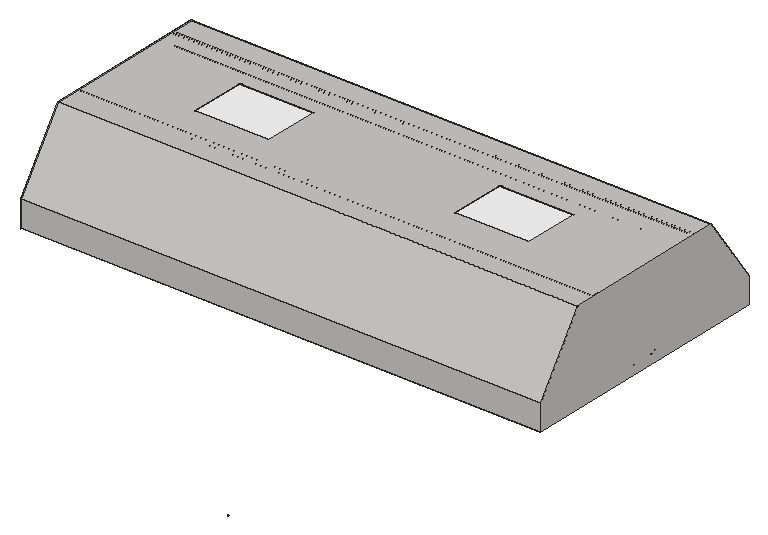
Revit family "QF_ELECTROLUXPROFESSIONAL_642349_BC1428DT", category Attrezzature speciali, Revit 2021
Family settings
  Quota connettore circolare = Usa diametro
  Tipo di parte = Normale
  Basato su piano di lavoro = No
  Sempre verticale = Sì
  Taglio con vuoti quando caricato = No
  Condiviso = No
  Punto di calcolo locali = No
Parameters (values of type "Standard")
  Weight = 87.00 kg
  Watts = 0 W
  Volts = 0 V
  URL Manufacturer = "https://www.electroluxprofessional.com/"
  URL = "https://www.electroluxprofessional.com/"
  Steam Supply Size = 0 mm
  Steam Supply Minimum Pressure = 0.0 Pa
  Steam Supply Maximum Pressure = 0.0 Pa
  Steam Consumption per Hour = 0
  Refrigeration Suction Line Size = 0 mm
  Refrigeration Liquid Line Size = 0 mm
  Refrigerant Compressor Remote = yes
  Prospetto di default = 0 mm
  Produttore = "Electrolux Professional"
  Phase = 0
  Modello = "BC1428DT"
  Length Actual = 2800 mm  # constant formula
  Item Number = "642349"
  Hot Water Size = 0 mm
  Height Actual = 500 mm  # constant formula
  HP = "0 HP"
  Gas Size = 0 mm
  Gas KW = 0
  Gas Input Pressure = 0 W
  Direct Waste Size = 0 mm
  Descrizione = "304 S/S ISLAND HOOD+FILTERS 2800X1400MM"
  Depth Actual = 1400 mm  # constant formula
  Cycle = 0 Hz
  Condensate Return Size = 0 mm
  Compressed Air Volume = 0.0 L/s
  Compressed Air Size = 0 mm
  Compressed Air Pressure = 0.0 Pa
  Cold Water Size = 0 mm
  Accessory = yes
Reference planes
  plane 1: z = 0
  plane 2 "Center (Left/Right)": x = 150
  plane 3 "LEFT": x = -1250
  plane 4 "RIGHT": x = 1550
  plane 5 "BACK": y = 550
  plane 6 "TOP": z = 2500
  plane 7 "Base": z = 2000
  plane 8: z = 1946
  plane 9: x = -1247
  plane 10 "DrainX": x = 1399
  plane 11 "AOLeft2": x = -350
  plane 12 "AORight1": x = 650
  plane 13: x = 1547
  plane 14: x = -1050
  plane 15: x = 1350
  plane 16: x = 50
  plane 17: x = 250
  plane 18 "AOLeft1": x = -750
  plane 19 "AORight2": x = 1050
  plane 20: y = 0
  plane 21: y = -300
  plane 22 "Center (Front/Back)": y = -150
  plane 23: y = -850
  plane 24: through (0, -201.379, 2046.209) normal (0, 0.8019, 0.5974)
  plane 25: through (0, -98.621, 2046.209) normal (0, 0.8019, -0.5974)
  plane 26: z = 2140
Forms (mm)
  Extrusion 1, solid, material "QF_Finishes_Stainless Steel"
    sketch origin (-1250, 0, 360) x (0, 1, 0) y (0, 0, 1)
      loop
        line (550, 1640) -> (550, 1780) -> (299.446, 2140) -> (-599.446, 2140) -> (-850, 1780) -> (-850, 1640) -> (550, 1640)
    from 0 to 3
  Extrusion 2, solid, material "QF_Finishes_Stainless Steel"
    sketch origin (1550, 0, 360) x (0, 1, 0) y (0, 0, 1)
      loop
        line (550, 1640) -> (550, 1780) -> (299.446, 2140) -> (-599.446, 2140) -> (-850, 1780) -> (-850, 1640) -> (550, 1640)
    from 0 to -3
  Extrusion 3, solid, material "QF_Finishes_Stainless Steel"
    sketch origin (150, 0, 360) x (0, 1, 0) y (0, 0, 1)
      loop
        line (-599.446, 2140) -> (-850, 1780) -> (-850, 1640) -> (-840, 1640) -> (-840, 1640.8) -> (-849.2, 1640.8) -> (-849.2, 1779.739) -> (-599.025, 2139.19) -> (299.025, 2139.19) -> (549.2, 1779.739) -> (549.2, 1640.8) -> (540, 1640.8) -> (540, 1640) -> (550, 1640) -> (550, 1780) -> (299.446, 2140) -> (-599.446, 2140)
    from -1400 to 1400
  Extrusion 4, void
    sketch origin (0, 0, 2500) x (0, 1, 0) y (-1, 0, 0)
      loop
        line (0, 350) -> (0, 750) -> (-300, 750) -> (-300, 350) -> (0, 350)
    from 0 to -10
  Extrusion 5, solid, material "QF_Finishes_Stainless Steel"
    sketch origin (0, 0, 0) x (1, 0, 0) y (0, 1, 0)
      loop
        line (-1250, 550) -> (-1250, 549) -> (-1249, 549) -> (-1249, 550) -> (-1250, 550)
    from 0 to 1
  Extrusion 6, solid, material "QF_Finishes_Stainless Steel"
    sketch origin (150, -400, 360) x (0, 1, 0) y (0, 0, 1)
      loop
        line (-98.883, 2085.553) -> (198.621, 1686.209) -> (214.66, 1698.157) -> (-82.844, 2097.501) -> (-98.883, 2085.553)
      loop
        line (598.883, 2085.553) -> (582.844, 2097.501) -> (285.34, 1698.157) -> (301.379, 1686.209) -> (598.883, 2085.553)
    from -1200 to -1397
  Extrusion 7, solid, material "QF_Finishes_Stainless Steel"
    sketch origin (150, -400, 360) x (0, 1, 0) y (0, 0, 1)
      loop
        arc (316.056, 1704.554) -> (315.455, 1704.706) -> (314.923, 1704.389) r 0.81
        line (314.923, 1704.389) -> (300.465, 1684.991) -> (283.389, 1687.002) -> (286.391, 1712.615) -> (285.593, 1712.708) -> (282.594, 1687.095)
        arc (282.594, 1687.095) -> (282.763, 1686.499) -> (283.305, 1686.197) r 0.81
        line (283.305, 1686.197) -> (300.372, 1684.196)
        arc (300.372, 1684.196) -> (300.787, 1684.257) -> (301.116, 1684.517) r 0.81
        line (301.116, 1684.517) -> (315.564, 1703.911) -> (326.308, 1695.919) -> (300.145, 1660.79) -> (199.855, 1660.79) -> (173.692, 1695.919) -> (184.436, 1703.911) -> (198.884, 1684.517)
        arc (198.884, 1684.517) -> (199.213, 1684.257) -> (199.628, 1684.196) r 0.81
        line (199.628, 1684.196) -> (216.695, 1686.197)
        arc (216.695, 1686.197) -> (217.237, 1686.499) -> (217.406, 1687.095) r 0.81
        line (217.406, 1687.095) -> (214.407, 1712.708) -> (213.609, 1712.615) -> (216.611, 1687.002) -> (199.535, 1684.991) -> (185.077, 1704.389)
        arc (185.077, 1704.389) -> (184.545, 1704.706) -> (183.944, 1704.554) r 0.81
        line (183.944, 1704.554) -> (173.214, 1696.561)
        arc (173.214, 1696.561) -> (172.897, 1696.028) -> (173.049, 1695.427) r 0.81
        line (173.049, 1695.427) -> (199.157, 1660.381)
        arc (199.157, 1660.381) -> (199.5, 1660.093) -> (199.937, 1659.99) r 0.972
        line (199.937, 1659.99) -> (300.049, 1659.99)
        arc (300.049, 1659.99) -> (300.498, 1660.096) -> (300.851, 1660.393) r 1
        line (300.851, 1660.393) -> (326.951, 1695.427)
        arc (326.951, 1695.427) -> (327.103, 1696.028) -> (326.786, 1696.561) r 0.81
        line (326.786, 1696.561) -> (316.056, 1704.554)
      loop
        line (-92.735, 2139.19) -> (-92.735, 2129.205) -> (-117.587, 2110.686)
        arc (-117.587, 2110.686) -> (-117.904, 2110.153) -> (-117.752, 2109.552) r 0.81
        line (-117.752, 2109.552) -> (-84.894, 2065.446) -> (-95.625, 2057.438) -> (-95.147, 2056.796) -> (-84.418, 2064.79)
        arc (-84.418, 2064.79) -> (-84.1, 2065.322) -> (-84.252, 2065.923) r 0.81
        line (-84.252, 2065.923) -> (-117.117, 2110.038) -> (-91.935, 2128.798) -> (-91.935, 2138.4) -> (-62.776, 2138.4) -> (-62.776, 2070.563) -> (-61.976, 2069.49) -> (-61.976, 2139.19) -> (-92.735, 2139.19)
      loop
        line (592.735, 2139.19) -> (561.976, 2139.19) -> (561.976, 2069.49) -> (562.776, 2070.563) -> (562.776, 2138.4) -> (591.935, 2138.4) -> (591.935, 2128.798) -> (617.117, 2110.038) -> (584.252, 2065.923)
        arc (584.252, 2065.923) -> (584.1, 2065.322) -> (584.418, 2064.79) r 0.81
        line (584.418, 2064.79) -> (595.147, 2056.796) -> (595.625, 2057.438) -> (584.894, 2065.446) -> (617.752, 2109.552)
        arc (617.752, 2109.552) -> (617.904, 2110.153) -> (617.587, 2110.686) r 0.81
        line (617.587, 2110.686) -> (592.735, 2129.205) -> (592.735, 2139.19)
    from -1397 to 1397
  Extrusion 8, solid, material "QF_Finishes_Stainless Steel"
    sketch origin (150, -400, 360) x (0, 1, 0) y (0, 0, 1)
      loop
        line (-98.883, 2085.553) -> (198.621, 1686.209) -> (214.66, 1698.157) -> (-82.844, 2097.501) -> (-98.883, 2085.553)
      loop
        line (598.883, 2085.553) -> (582.844, 2097.501) -> (285.34, 1698.157) -> (301.379, 1686.209) -> (598.883, 2085.553)
    from 1397 to 1200
  Extrusion 9, solid, material "QF_Finishes_Stainless Steel"
    sketch origin (150, -400, 360) x (0, 1, 0) y (0, 0, 1)
      loop
        line (-98.883, 2085.553) -> (198.621, 1686.209) -> (214.66, 1698.157) -> (-82.844, 2097.501) -> (-98.883, 2085.553)
      loop
        line (598.883, 2085.553) -> (582.844, 2097.501) -> (285.34, 1698.157) -> (301.379, 1686.209) -> (598.883, 2085.553)
    from -100 to 100
  Extrusion 10, solid, material "QF_Finished_Chrome"
    sketch origin (150, -400, 360) x (0, 1, 0) y (0, 0, 1)
      loop
        line (-98.883, 2085.553) -> (198.621, 1686.209) -> (214.66, 1698.157) -> (-82.844, 2097.501) -> (-98.883, 2085.553)
      loop
        line (598.883, 2085.553) -> (582.844, 2097.501) -> (285.34, 1698.157) -> (301.379, 1686.209) -> (598.883, 2085.553)
    from -1200 to -100
  Extrusion 11, solid, material "QF_Finished_Chrome"
    sketch origin (150, -400, 360) x (0, 1, 0) y (0, 0, 1)
      loop
        line (-98.883, 2085.553) -> (198.621, 1686.209) -> (214.66, 1698.157) -> (-82.844, 2097.501) -> (-98.883, 2085.553)
      loop
        line (598.883, 2085.553) -> (582.844, 2097.501) -> (285.34, 1698.157) -> (301.379, 1686.209) -> (598.883, 2085.553)
    from 100 to 1200
  Sweep 12, solid, material "QF_Finishes_Stainless Steel"
    path origin (0, 0, 0) x (1, 0, 0) y (0, 1, 0)
      loop
        line (1550, 550) -> (-1250, 550) -> (-1250, -850) -> (1550, -850) -> (1550, 550)
    profile origin (1550, -150, 0) x (1, 0, 0) y (0, 0, 1)
      loop
        line (-3, 2000) -> (-3, 2000.8) -> (-19, 2000.8) -> (-19, 2010) -> (-20, 2010) -> (-20, 2000) -> (-3, 2000)
  Extrusion 13, void
    sketch origin (0, 0, 2500) x (0, 1, 0) y (-1, 0, 0)
      loop
        line (0, -1050) -> (0, -650) -> (-300, -650) -> (-300, -1050) -> (0, -1050)
    from 0 to -10
  Extrusion 14, solid, material "QF_Finishes_Stainless Steel"
    sketch origin (1399, 0, 0) x (0, 1, 0) y (0, 0, 1)
      loop
        arc (-118.5, 1946) -> (-111.429, 1948.929) -> (-108.5, 1956) r 10
        line (-108.5, 1956) -> (-108.5, 2000.8) -> (-191.5, 2000.8) -> (-191.5, 1956)
        arc (-191.5, 1956) -> (-188.571, 1948.929) -> (-181.5, 1946) r 10
        line (-181.5, 1946) -> (-118.5, 1946)
    from -90 to 90
  Extrusion 15, solid, material "QF_Finishes_Stainless Steel"
    sketch origin (0, -1100, 2000) x (0, 1, 0) y (-1, 0, 0)
      loop
        circle (950, -1399) r 6.35
    from -3.799 to 0
Cuts and joins
  Extrusion 4, Extrusion 13 cuts Extrusion 3
  joined: Extrusion 2, Extrusion 3, Sweep 12
Lines and regions (mm)
  symbolic lines, style "SpecialityEquipment", detail levels coarse
    curve 1: line (1550, 550, 2500) -> (-1250, 550, 2500)
    curve 2: line (-1250, 550, 2500) -> (-1250, -850, 2500)
    curve 3: line (1550, -850, 2500) -> (1550, 550, 2500)
    curve 4: line (-1250, 299.446, 0) -> (1550, -599.446, 0)
    curve 5: line (1550, 299.446, 0) -> (-1250.605, -599.446, 0)
  symbolic lines, detail levels coarse
    curve 6: line (-750, -300, 0) -> (-350, -300, 0)
    curve 7: line (-750, 0, 0) -> (-750, -300, 0)
    curve 8: line (-350, 0, 0) -> (-750, 0, 0)
    curve 9: line (-350, -300, 0) -> (-350, 0, 0)
    curve 10: line (650, 0, 0) -> (650, -300, 0)
    curve 11: line (1050, 0, 0) -> (650, 0, 0)
    curve 12: line (1050, -300, 0) -> (1050, 0, 0)
    curve 13: line (650, -300, 0) -> (1050, -300, 0)
    curve 14: line (-1250.605, -599.446, 0) -> (1550, -599.446, 0)
    curve 15: line (1550, 299.446, 0) -> (-1250, 299.446, 0)
    curve 16: line (-1250, -850, 0) -> (1550, -850, 0)
Dimensions and locks
  plane 3 "LEFT" to plane 4 "RIGHT" = 2800 mm
  equal spacing: plane 3 "LEFT", plane 2 "Center (Left/Right)", plane 4 "RIGHT"
  plane 3 "LEFT" to plane 9 = 3 mm
  plane 10 "DrainX" to plane 4 "RIGHT" = 151 mm
  plane 13 to plane 4 "RIGHT" = 3 mm
  plane 3 "LEFT" to plane 14 = 200 mm
  plane 15 to plane 4 "RIGHT" = 200 mm
  locked: plane 11 "AOLeft2" to plane 12 "AORight1" at 1000
  equal spacing: plane 11 "AOLeft2", plane 2 "Center (Left/Right)", plane 12 "AORight1"
  locked: plane 7 "Base" to level at 2000
  locked: plane 16 to plane 17 at 200
  equal spacing: plane 16, plane 2 "Center (Left/Right)", plane 17
  plane 18 "AOLeft1" to plane 11 "AOLeft2" = 400 mm
  plane 12 "AORight1" to plane 19 "AORight2" = 400 mm
  plane 7 "Base" to plane 8 = 54 mm
  locked: plane 6 "TOP" to plane 7 "Base" at 500
  plane 5 "BACK" to plane 23 = 1400 mm  (x2)
  equal spacing: plane 5 "BACK", plane 22 "Center (Front/Back)", plane 23
  plane 21 to plane 20 = 300 mm
  equal spacing: plane 21, plane 22 "Center (Front/Back)", plane 20
  plane 26 to plane 7 "Base" = 140 mm
  aligned and locked: level to plane 1
  aligned and locked: plane 4 "RIGHT" to Extrusion 3
  aligned and locked: Extrusion 3 to plane 3 "LEFT"
  aligned and locked: Extrusion 6 to plane 9
  aligned and locked: plane 14 to Extrusion 6
  aligned and locked: Extrusion 2 to plane 13
  aligned and locked: plane 13 to Extrusion 8
  aligned and locked: Extrusion 8 to plane 15
  aligned and locked: plane 17 to Extrusion 9
  aligned and locked: Extrusion 9 to plane 16
  aligned and locked: plane 16 to Extrusion 10
  aligned and locked: Extrusion 10 to plane 14
  aligned and locked: Extrusion 11 to plane 17
  aligned and locked: Extrusion 11 to plane 15
  aligned and locked: Extrusion 7 to plane 9
  aligned and locked: plane 13 to Extrusion 7
  aligned and locked: Extrusion 4 to plane 18 "AOLeft1"
  aligned and locked: Extrusion 4 to plane 11 "AOLeft2"
  aligned and locked: plane 12 "AORight1" to Extrusion 13
  aligned and locked: plane 19 "AORight2" to Extrusion 13
  aligned and locked: plane 21 to Extrusion 13
  aligned and locked: plane 21 to Extrusion 4
  aligned and locked: plane 20 to Extrusion 13
  aligned and locked: plane 20 to Extrusion 4
  aligned and locked: curve 6 to Extrusion 4
  aligned and locked: curve 7 to Extrusion 4
  aligned and locked: curve 8 to Extrusion 4
  aligned and locked: curve 9 to Extrusion 4
  aligned and locked: curve 10 to Extrusion 13
  aligned and locked: curve 11 to Extrusion 13
  aligned and locked: curve 12 to Extrusion 13
  aligned and locked: curve 13 to Extrusion 13
Automatic sketch dimensions
  Extrusion 4 sketch curve to plane 11 "AOLeft2" = 0 mm
  Extrusion 4 sketch curve to plane 18 "AOLeft1" = 0 mm
  Extrusion 5 sketch curve to plane 3 "LEFT" = 0 mm
  Extrusion 5 sketch curve to plane 5 "BACK" = 0 mm
  plane 3 "LEFT" to Extrusion 5 sketch curve = 1 mm
  Extrusion 5 sketch curve to Extrusion 5 sketch curve = 1 mm
  Sweep 12 sketch curve to plane 3 "LEFT" = 0 mm
  Sweep 12 sketch curve to plane 4 "RIGHT" = 0 mm
  Sweep 12 sketch curve to plane 5 "BACK" = 0 mm
  profile plane to Sweep 12 sketch curve = 20 mm
  Sweep 12 sketch curve to Sweep 12 sketch curve = 1 mm
  profile plane to Sweep 12 sketch curve = 3 mm
  level to Sweep 12 sketch curve = 2000 mm
  Sweep 12 sketch curve to Sweep 12 sketch curve = 0.8 mm
  Sweep 12 sketch curve to Sweep 12 sketch curve = 9.2 mm
  Extrusion 13 sketch curve to plane 11 "AOLeft2" = 1400 mm
  plane 18 "AOLeft1" to Extrusion 13 sketch curve = 1400 mm
  Extrusion 13 sketch curve to Extrusion 13 sketch curve = 300 mm
  Extrusion 13 sketch curve to plane 20 = 0 mm
  plane 21 to Sweep 12 sketch curve = 550 mm
  plane 21 to Extrusion 4 sketch curve = 0 mm
  Extrusion 4 sketch curve to plane 20 = 0 mm
  Extrusion 15 sketch curve to plane 10 "DrainX" = 0 mm
  Extrusion 15 sketch curve to plane 22 "Center (Front/Back)" = 0 mm
  Extrusion 14 sketch curve to plane 8 = 0 mm
  plane 8 to Extrusion 14 sketch curve = 10 mm
  Extrusion 14 sketch curve to plane 22 "Center (Front/Back)" = 41.5 mm
  plane 22 "Center (Front/Back)" to Extrusion 14 sketch curve = 31.5 mm
  plane 7 "Base" to Extrusion 14 sketch curve = 0.8 mm
  plane 22 "Center (Front/Back)" to Extrusion 14 sketch curve = 41.5 mm
  plane 21 to Extrusion 6 sketch curve = 198.883 mm
  Extrusion 6 sketch curve to plane 6 "TOP" = 42.499 mm  (x2)
  Extrusion 6 sketch curve to Extrusion 6 sketch curve = 16.039 mm  (x2)
  Extrusion 6 sketch curve to plane 22 "Center (Front/Back)" = 51.379 mm
  plane 22 "Center (Front/Back)" to Extrusion 6 sketch curve = 35.34 mm
  plane 20 to Extrusion 6 sketch curve = 182.844 mm
  Extrusion 6 sketch curve to Extrusion 6 sketch curve = 11.948 mm  (x2)
  Extrusion 7 sketch curve to plane 6 "TOP" = 30.448 mm  (x2)
  plane 21 to Extrusion 7 sketch curve = 217.752 mm
  Extrusion 7 sketch curve to plane 6 "TOP" = 29.314 mm  (x2)
  Extrusion 7 sketch curve to Extrusion 7 sketch curve = 0.166 mm  (x3)
  Extrusion 7 sketch curve to plane 6 "TOP" = 29.962 mm  (x2)
  Extrusion 7 sketch curve to Extrusion 7 sketch curve = 0.47 mm  (x2)
  Extrusion 7 sketch curve to Extrusion 7 sketch curve = 0.014 mm  (x2)
  Extrusion 7 sketch curve to plane 6 "TOP" = 82.562 mm  (x2)
  Extrusion 7 sketch curve to Extrusion 7 sketch curve = 22.127 mm
  Extrusion 7 sketch curve to plane 6 "TOP" = 83.204 mm  (x2)
  Extrusion 7 sketch curve to Extrusion 7 sketch curve = 0.478 mm  (x5)
  Extrusion 7 sketch curve to plane 6 "TOP" = 0.81 mm  (x2)
  Extrusion 7 sketch curve to Extrusion 7 sketch curve = 24.852 mm
  Extrusion 7 sketch curve to Extrusion 7 sketch curve = 0.8 mm  (x5)
  Extrusion 7 sketch curve to Extrusion 7 sketch curve = 10.724 mm
  Extrusion 7 sketch curve to plane 6 "TOP" = 74.554 mm  (x2)
  Extrusion 7 sketch curve to Extrusion 7 sketch curve = 0.008 mm  (x6)
  Extrusion 7 sketch curve to plane 6 "TOP" = 75.21 mm  (x2)
  Extrusion 7 sketch curve to plane 6 "TOP" = 74.077 mm  (x2)
  Extrusion 7 sketch curve to Extrusion 7 sketch curve = 0.642 mm  (x2)
  Extrusion 7 sketch curve to plane 6 "TOP" = 69.437 mm  (x2)
  Extrusion 7 sketch curve to Extrusion 7 sketch curve = 21.476 mm  (x2)
  Extrusion 7 sketch curve to plane 21 = 73.049 mm
  Extrusion 7 sketch curve to Extrusion 7 sketch curve = 0.006 mm  (x4)
  Extrusion 7 sketch curve to Extrusion 7 sketch curve = 10.73 mm  (x3)
  Extrusion 7 sketch curve to Extrusion 7 sketch curve = 0.484 mm  (x4)
  Extrusion 7 sketch curve to Extrusion 7 sketch curve = 0.641 mm  (x2)
  Extrusion 7 sketch curve to Extrusion 7 sketch curve = 14.448 mm
  plane 7 "Base" to Extrusion 7 sketch curve = 20.381 mm
  Extrusion 7 sketch curve to Extrusion 7 sketch curve = 0.273 mm
  Extrusion 7 sketch curve to Extrusion 7 sketch curve = 0.65 mm  (x2)
  Extrusion 7 sketch curve to Extrusion 7 sketch curve = 0.001 mm  (x4)
  Extrusion 7 sketch curve to Extrusion 7 sketch curve = 0.093 mm  (x2)
  plane 7 "Base" to Extrusion 7 sketch curve = 20.79 mm
  Extrusion 7 sketch curve to Extrusion 7 sketch curve = 0.698 mm
  Extrusion 7 sketch curve to Extrusion 7 sketch curve = 0.081 mm
  Extrusion 7 sketch curve to Extrusion 7 sketch curve = 28.531 mm
  Extrusion 7 sketch curve to Extrusion 7 sketch curve = 0.799 mm  (x2)
  Extrusion 7 sketch curve to Extrusion 7 sketch curve = 17.067 mm  (x2)
  Extrusion 7 sketch curve to Extrusion 7 sketch curve = 0.01 mm  (x4)
  Extrusion 7 sketch curve to Extrusion 7 sketch curve = 0.094 mm
  Extrusion 7 sketch curve to Extrusion 7 sketch curve = 0.795 mm  (x2)
  plane 22 "Center (Front/Back)" to Extrusion 7 sketch curve = 32.594 mm
  Extrusion 7 sketch curve to Extrusion 7 sketch curve = 0.71 mm
  Extrusion 7 sketch curve to Extrusion 7 sketch curve = 2.998 mm
  Extrusion 7 sketch curve to Extrusion 7 sketch curve = 16.745 mm
  Extrusion 7 sketch curve to Extrusion 7 sketch curve = 0.095 mm
  plane 7 "Base" to Extrusion 7 sketch curve = 20.393 mm
  Extrusion 7 sketch curve to Extrusion 7 sketch curve = 0.707 mm
  Extrusion 7 sketch curve to Extrusion 7 sketch curve = 0.651 mm
  Extrusion 7 sketch curve to Extrusion 7 sketch curve = 14.456 mm
  Extrusion 7 sketch curve to plane 6 "TOP" = 70.51 mm  (x2)
  plane 20 to Extrusion 7 sketch curve = 161.976 mm
  Extrusion 7 sketch curve to plane 6 "TOP" = 1.6 mm
  Extrusion 7 sketch curve to Extrusion 7 sketch curve = 29.159 mm
  Extrusion 7 sketch curve to Extrusion 7 sketch curve = 24.368 mm
  Extrusion 7 sketch curve to Extrusion 7 sketch curve = 0.636 mm
  Extrusion 7 sketch curve to Extrusion 7 sketch curve = 23.206 mm
  Extrusion 7 sketch curve to Extrusion 7 sketch curve = 23.234 mm
  Extrusion 7 sketch curve to Extrusion 7 sketch curve = 0.321 mm  (x2)
  Extrusion 7 sketch curve to Extrusion 7 sketch curve = 2.001 mm  (x2)
  Extrusion 7 sketch curve to Extrusion 7 sketch curve = 0.804 mm  (x2)
  Extrusion 7 sketch curve to Extrusion 7 sketch curve = 10.911 mm  (x2)
  Extrusion 7 sketch curve to Extrusion 7 sketch curve = 7.993 mm  (x2)
  Extrusion 7 sketch curve to Extrusion 7 sketch curve = 25.613 mm  (x2)
  Extrusion 7 sketch curve to Extrusion 7 sketch curve = 0.407 mm  (x2)
  Extrusion 7 sketch curve to Extrusion 7 sketch curve = 0.79 mm
  Extrusion 3 sketch curve to plane 7 "Base" = 0 mm  (x2)
  Extrusion 3 sketch curve to plane 23 = 0 mm
  Extrusion 3 sketch curve to plane 5 "BACK" = 0 mm
  plane 23 to Extrusion 3 sketch curve = 0.8 mm
  plane 7 "Base" to Extrusion 3 sketch curve = 0.8 mm  (x2)
  Extrusion 3 sketch curve to Extrusion 3 sketch curve = 9.2 mm
  plane 23 to Extrusion 3 sketch curve = 250.554 mm
  Extrusion 3 sketch curve to Extrusion 3 sketch curve = 0.421 mm  (x2)
  Extrusion 3 sketch curve to plane 6 "TOP" = 0.81 mm
  Extrusion 3 sketch curve to plane 5 "BACK" = 250.975 mm
  Extrusion 3 sketch curve to plane 5 "BACK" = 10 mm
  Extrusion 3 sketch curve to plane 5 "BACK" = 0.8 mm
  Extrusion 3 sketch curve to Extrusion 3 sketch curve = 138.939 mm  (x2)
  Extrusion 3 sketch curve to Extrusion 3 sketch curve = 0.261 mm  (x2)
  Extrusion 3 sketch curve to plane 6 "TOP" = 0 mm
  Extrusion 1 sketch curve to plane 7 "Base" = 0 mm
  Extrusion 1 sketch curve to plane 23 = 0 mm
  Extrusion 1 sketch curve to plane 6 "TOP" = 0 mm
  Extrusion 1 sketch curve to plane 5 "BACK" = 0 mm
  Extrusion 1 sketch curve to plane 5 "BACK" = 250.554 mm
  plane 7 "Base" to Extrusion 1 sketch curve = 140 mm
  Extrusion 1 sketch curve to Extrusion 1 sketch curve = 140 mm
  plane 23 to Extrusion 1 sketch curve = 250.554 mm
  plane 21 to Extrusion 10 sketch curve = 198.883 mm
  Extrusion 10 sketch curve to plane 6 "TOP" = 42.499 mm  (x2)
  Extrusion 10 sketch curve to Extrusion 10 sketch curve = 16.039 mm  (x2)
  Extrusion 10 sketch curve to plane 22 "Center (Front/Back)" = 51.379 mm
  plane 22 "Center (Front/Back)" to Extrusion 10 sketch curve = 35.34 mm
  plane 20 to Extrusion 10 sketch curve = 182.844 mm
  Extrusion 10 sketch curve to Extrusion 10 sketch curve = 11.948 mm  (x2)
  plane 21 to Extrusion 9 sketch curve = 198.883 mm
  Extrusion 9 sketch curve to plane 6 "TOP" = 42.499 mm  (x2)
  Extrusion 9 sketch curve to Extrusion 9 sketch curve = 16.039 mm  (x2)
  Extrusion 9 sketch curve to plane 22 "Center (Front/Back)" = 51.379 mm
  plane 22 "Center (Front/Back)" to Extrusion 9 sketch curve = 35.34 mm
  plane 20 to Extrusion 9 sketch curve = 182.844 mm
  Extrusion 9 sketch curve to Extrusion 9 sketch curve = 11.948 mm  (x2)
  plane 21 to Extrusion 11 sketch curve = 198.883 mm
  Extrusion 11 sketch curve to plane 6 "TOP" = 42.499 mm  (x2)
  Extrusion 11 sketch curve to Extrusion 11 sketch curve = 16.039 mm  (x2)
  Extrusion 11 sketch curve to plane 22 "Center (Front/Back)" = 51.379 mm
  plane 22 "Center (Front/Back)" to Extrusion 11 sketch curve = 35.34 mm
  plane 20 to Extrusion 11 sketch curve = 182.844 mm
  Extrusion 11 sketch curve to Extrusion 11 sketch curve = 11.948 mm  (x2)
  plane 21 to Extrusion 8 sketch curve = 198.883 mm
  Extrusion 8 sketch curve to plane 6 "TOP" = 42.499 mm  (x2)
  Extrusion 8 sketch curve to Extrusion 8 sketch curve = 16.039 mm  (x2)
  Extrusion 8 sketch curve to plane 22 "Center (Front/Back)" = 51.379 mm
  plane 22 "Center (Front/Back)" to Extrusion 8 sketch curve = 35.34 mm
  plane 20 to Extrusion 8 sketch curve = 182.844 mm
  Extrusion 8 sketch curve to Extrusion 8 sketch curve = 11.948 mm  (x2)
  curve 15 to plane 3 "LEFT" = 0 mm
  curve 14 to plane 4 "RIGHT" = 0 mm
  curve 5 to plane 4 "RIGHT" = 0 mm
  curve 5 to plane 3 "LEFT" = 0.605 mm
  plane 23 to curve 14 = 250.554 mm
  curve 4 to plane 5 "BACK" = 250.554 mm
  Extrusion 2 sketch curve to plane 7 "Base" = 0 mm
  Extrusion 2 sketch curve to plane 23 = 0 mm
  Extrusion 2 sketch curve to plane 6 "TOP" = 0 mm
  Extrusion 2 sketch curve to plane 5 "BACK" = 0 mm
  Extrusion 2 sketch curve to plane 26 = 0 mm  (x2)
  Extrusion 2 sketch curve to plane 5 "BACK" = 250.554 mm
  plane 23 to Extrusion 2 sketch curve = 250.554 mm
  curve 2 to plane 3 "LEFT" = 0 mm
  curve 2 to plane 23 = 0 mm
  curve 3 to plane 4 "RIGHT" = 0 mm
  curve 3 to plane 23 = 0 mm
  curve 2 to plane 5 "BACK" = 0 mm
  radius of Extrusion 15 sketch curve = 6.35 mm
Connectors
  hvac at (-550, -150, 2500)
    settings: on Extrusion 4, index 2, duct flow 0.0 L/s, flow factor 0, pres drop 0.0 Pa, loss coef 0, conn angle 0.00°, conn width 300 mm, conn height 400 mm, conn diameter 609.6 mm, duct sys type 3, conn prof type 1, flow config 1, flow direction 2, loss method 0, conn ref index -1, conn util no, is conn primary yes, conn desc "EXHAUST OUTLET"
  hvac at (850, -150, 2500)
    settings: on Extrusion 13, index 3, duct flow 0.0 L/s, flow factor 0, pres drop 0.0 Pa, loss coef 0, conn angle 0.00°, conn width 300 mm, conn height 400 mm, conn diameter 609.6 mm, duct sys type 3, conn prof type 1, flow config 1, flow direction 2, loss method 0, conn ref index -1, conn util no, is conn primary no, conn desc "EXHAUST OUTLET"
  piping at (1399, -150, 1996.201), diameter 12.7
    settings: on Extrusion 15, index 4, connector inside diameter 609.6 mm, connector length 0 mm, flow factor 0, pipe flow 0.0 L/s, pressure drop 0.0 Pa, fitting loss kfactor 0, connector angle 0.00°, fixture units 0, engagement length 0 mm, angle of deflection 0.00°, flow configuration 1, flow direction 2, fitting loss method 0, system type 16, joint type 0, gender type 0, connector reference index -1, connector utility 0, adjustable connector no, is connector primary yes, connector description "Drain"
